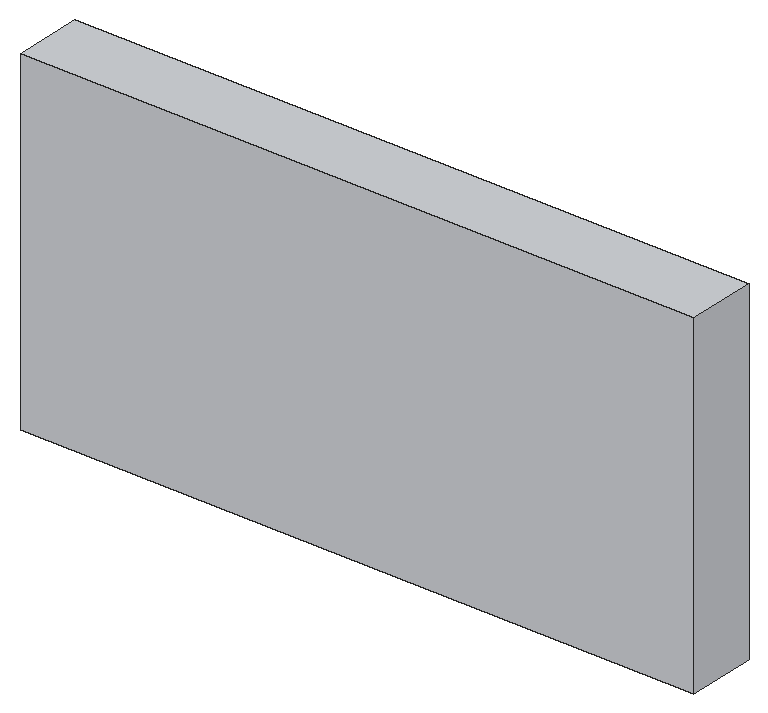
Revit family "HZG_Heizkörper Ventil VL+RL links", category HLS-Bauteile, Revit 2016
Family settings
  Teiletyp = Normal
  Bemaßung runder Anschluss = Radius verwenden
  Arbeitsebenenbasiert = Nein
  Immer vertikal = Ja
  Beim Laden mit Abzugskörper schneiden = Nein
  Gemeinsam genutzt = Nein
  Raumberechnungspunkt = Nein
Parameters (values of type "10/300/600")
  Typ_VDI2552 = "423.17"  # constant formula
  HZG_Leistung [instance] = 0
  HZG_IstHeizkörper [instance] = yes
  HZG_Exemplarleistung [instance] = 0
  HLS_Länge = Länge  # 600 mm
  HLS_Höhe = Höhe  # 300 mm
  HLS_Breite = Breite  # 61 mm
  Breite = 61 mm
  Wasserdruckverlust [instance] = 0.00 psi
  Massenstrom [instance] = 0 GPM
  Wandabstand = 20 mm
  Nennradius = 7.5 mm
  Nenndurchmesser = Nennradius * 2  # 15 mm
  Länge = 600 mm
  Höhe = 300 mm
  Heizleistung = 0.0 Btu/h
  ALG_ManufacturerCode = ""
Types (4, lengths in mm): name | HLS_Länge | HLS_Höhe | HLS_Breite | Breite | Länge | Höhe
  (no name) | 600 | 300 | 61 | 61 | 600 | 300
  10/300/600 | 600 | 300 | 61 | 61 | 600 | 300
  12/400/800 | 800 | 400 | 64 | 64 | 800 | 400
  22/500/600 | 600 | 500 | 100 | 100 | 600 | 500
Reference planes
  plane 1 "Mitte (Vorne/Hinten)": y = 0
  plane 2: z = 0
  plane 3 "Mitte (Links/Rechts)": x = 0
  plane 4: y = -81
  plane 5: y = -50.5
  plane 6: y = -20
  plane 7: x = 300
  plane 8: z = 300
  plane 9: x = -300
  plane 10: z = 2
Forms (mm)
  Extrusion 1, solid, detail levels medium+fine
    sketch origin (0, 17.773, 0) x (0, -1, 0) y (1, 0, 0)
      loop
        line (37.773, 300) -> (37.773, -300) -> (98.773, -300) -> (98.773, 300) -> (37.773, 300)
    from 0 to 300
  Extrusion 2, solid, detail levels medium+fine
    sketch origin (-422.82, 17.773, 2) x (-1, 0, 0) y (0, -1, 0)
      loop
        circle (-162.82, 68.273) r 7.5
      loop
        circle (-202.82, 68.273) r 7.5
    from 0 to -2
Lines and regions (mm)
  model lines, detail levels coarse
    curve 1: line (300, -20, 0) -> (300, -81, 0)
    curve 2: line (-300, -20, 0) -> (300, -20, 0)
    curve 3: line (-300, -81, 0) -> (-300, -20, 0)
    curve 4: line (300, -81, 0) -> (-300, -81, 0)
  model lines, style "Symbol", detail levels coarse
    curve 5: line (300, -50.5, 300) -> (-300, -50.5, 300)
    curve 6: line (300, -50.5, 0) -> (300, -50.5, 300)
    curve 7: line (-300, -50.5, 0) -> (300, -50.5, 0)
    curve 8: line (-300, -50.5, 300) -> (-300, -50.5, 0)
    curve 9: line (0, -20, 300) -> (0, -81, 300)
    curve 10: line (0, -20, 0) -> (0, -20, 300)
    curve 11: line (0, -81, 0) -> (0, -20, 0)
    curve 12: line (0, -81, 300) -> (0, -81, 0)
Dimensions and locks
  equal spacing: plane 6, plane 5, plane 4
  "Breite": plane 6 to plane 4
  "Höhe": plane 8 to level
  "Länge": plane 7 to plane 9
  locked: Extrusion 1 to Extrusion 2 sketch curve at 80
  locked: Extrusion 1 to Extrusion 2 sketch curve at 40
  locked: plane 10 to level at 2
  "Wandabstand": plane 6 to plane 1 "Mitte (Vorne/Hinten)"
  equal spacing: plane 9, plane 3 "Mitte (Links/Rechts)", plane 7
  "Nennradius": radius of Extrusion 2 sketch curve  (x2)
  aligned and locked: plane 2 to level
  aligned and locked: Extrusion 1 sketch curve to plane 7
  aligned and locked: plane 6 to Extrusion 1 sketch curve
  aligned and locked: Extrusion 1 sketch curve to plane 4
  aligned and locked: Extrusion 1 to plane 9
  aligned and locked: Extrusion 1 to level
  aligned and locked: plane 8 to Extrusion 1
  aligned and locked: Extrusion 1 to plane 2
  aligned and locked: Extrusion 2 to level
  aligned and locked: plane 10 to Extrusion 2
  aligned and locked: curve 1 to Extrusion 1
  aligned and locked: curve 2 to Extrusion 1
  aligned and locked: curve 3 to Extrusion 1
  aligned and locked: curve 4 to Extrusion 1
  aligned and locked: curve 5 to Extrusion 1
  aligned and locked: curve 6 to Extrusion 1
  aligned and locked: curve 7 to curve 2
  aligned and locked: curve 8 to Extrusion 1
  aligned and locked: curve 9 to Extrusion 1
  aligned and locked: curve 10 to Extrusion 1
  aligned and locked: curve 11 to curve 1
  aligned and locked: curve 12 to Extrusion 1
Automatic sketch dimensions
  Extrusion 1 sketch curve to plane 9 = 0 mm
  plane 5 to Extrusion 2 sketch curve = 0 mm  (x2)
Connectors
  piping at (-260, -50.5, 0), diameter 15, driven by "Massenstrom", driven by "Wasserdruckverlust", driven by "Nennradius"
    settings: on Extrusion 2, index 1, connector inside diameter 15 mm, connector length 0 mm, flow factor 0, pipe flow 0 GPM, pressure drop 0.00 psi, fitting loss kfactor 0, connector angle 0.00°, fixture units 0, engagement length 0 mm, angle of deflection 0.00°, flow configuration 1, flow direction 2, fitting loss method 4, system type 8, joint type 0, gender type 0, connector reference index 2, connector utility 0, adjustable connector no, is connector primary yes, connector description ""
  piping at (-220, -50.5, 0), diameter 15, driven by "Massenstrom", driven by "Nennradius"
    settings: on Extrusion 2, index 2, connector inside diameter 15 mm, connector length 0 mm, flow factor 0, pipe flow 0 GPM, pressure drop 0.00 psi, fitting loss kfactor 0, connector angle 0.00°, fixture units 0, engagement length 0 mm, angle of deflection 0.00°, flow configuration 1, flow direction 1, fitting loss method 0, system type 7, joint type 0, gender type 0, connector reference index 1, connector utility 0, adjustable connector no, is connector primary no, connector description ""
